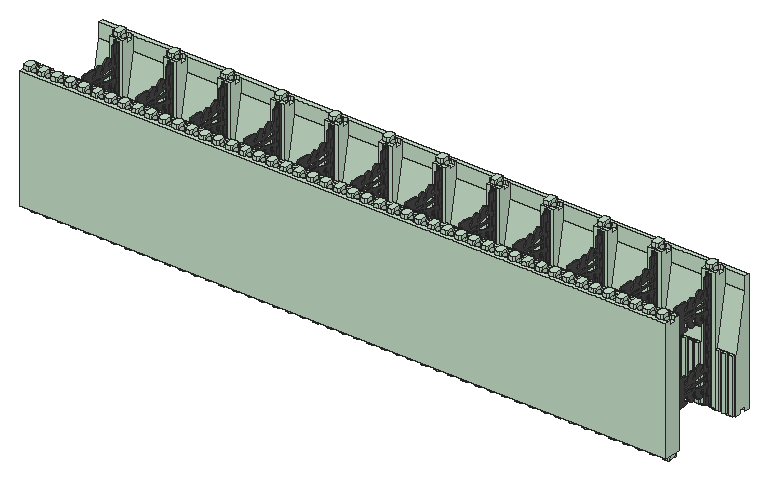
Revit family "ICF- NUDURA 10-inch- Single Sided Taper Top- Imperial", category Generic Models, Revit 2010 (continued)
Definition of nested family "10-inch Insert Web"
  Forms (in)
    Extrusion 2, solid, material "High Density Polystyrene"
      sketch origin (0, 0, 0) x (0, 1, 0) y (0, 0, 1)
        loop
          arc (4.37654, 11.93325) -> (4.22754, 12.04439) -> (4.21225, 12.22965) r 0.22602
          arc (4.21225, 12.22965) -> (3.72909, 12.70704) -> (3.67178, 12.03024) r 0.375
          arc (3.67178, 12.03024) -> (3.82054, 11.66789) -> (3.45819, 11.51914) r 0.27697
          arc (3.45819, 11.51914) -> (2.94561, 11.91681) -> (2.74922, 12.53513) r 1.09159
          line (2.74922, 12.53513) -> (2.74973, 12.70012)
          arc (2.74973, 12.70012) -> (2.17617, 12.98983) -> (2.18865, 12.34738) r 0.375
          arc (2.18865, 12.34738) -> (2.3374, 11.98503) -> (1.97506, 11.83627) r 0.27697
          arc (1.97506, 11.83627) -> (1.47568, 12.16164) -> (1.23882, 12.70857) r 1.0341
          arc (1.23882, 12.70857) -> (0.66526, 12.99829) -> (0.67773, 12.35583) r 0.375
          arc (0.67773, 12.35583) -> (0.76612, 12.32806) -> (0.85703, 12.31026) r 0.83414
          arc (0.85703, 12.31026) -> (1.02215, 12.07963) -> (0.82272, 11.87794) r 0.22
          arc (0.82272, 11.87794) -> (0.41308, 11.82406) -> (0, 11.81525) r 3.77741
          arc (0, 11.81525) -> (-0.41308, 11.82406) -> (-0.82272, 11.87794) r 3.77741
          arc (-0.82272, 11.87794) -> (-1.02215, 12.07963) -> (-0.85703, 12.31026) r 0.22
          arc (-0.85703, 12.31026) -> (-0.76612, 12.32806) -> (-0.67773, 12.35583) r 0.83414
          arc (-0.67773, 12.35583) -> (-0.66526, 12.99829) -> (-1.23882, 12.70857) r 0.375
          arc (-1.23882, 12.70857) -> (-1.47568, 12.16164) -> (-1.97506, 11.83627) r 1.0341
          arc (-1.97506, 11.83627) -> (-2.3374, 11.98503) -> (-2.18865, 12.34738) r 0.27697
          arc (-2.18865, 12.34738) -> (-2.17617, 12.98983) -> (-2.74973, 12.70012) r 0.375
          line (-2.74973, 12.70012) -> (-2.74922, 12.53513)
          arc (-2.74922, 12.53513) -> (-2.94561, 11.91681) -> (-3.45819, 11.51914) r 1.09159
          arc (-3.45819, 11.51914) -> (-3.82054, 11.66789) -> (-3.67178, 12.03024) r 0.27697
          arc (-3.67178, 12.03024) -> (-3.72909, 12.70704) -> (-4.21225, 12.22965) r 0.375
          arc (-4.21225, 12.22965) -> (-4.22754, 12.04439) -> (-4.37654, 11.93325) r 0.22602
          arc (-4.37654, 11.93325) -> (-4.46384, 11.89709) -> (-4.5, 11.8098) r 0.12346
        loop
          arc (-4.33112, 14.73097) -> (-4.45054, 14.68151) -> (-4.5, 14.56209) r 0.16888
          line (-4.5, 14.56209) -> (-4.5, 14.04372)
          arc (-4.5, 14.04372) -> (-4.44996, 13.92293) -> (-4.32917, 13.87289) r 0.17083
          line (-4.32917, 13.87289) -> (-2.57764, 13.87289)
          arc (-2.57764, 13.87289) -> (-2.48926, 13.9095) -> (-2.45264, 13.99789) r 0.125
          line (-2.45264, 13.99789) -> (-2.45264, 14.21018)
          arc (-2.45264, 14.21018) -> (-2.48008, 14.28832) -> (-2.55033, 14.33216) r 0.125
          line (-2.55033, 14.33216) -> (-4.33112, 14.73097)
        loop
          line (-2.26514, 14.18276) -> (-2.26514, 13.99876)
          arc (-2.26514, 13.99876) -> (-2.22853, 13.91037) -> (-2.14014, 13.87376) r 0.125
          line (-2.14014, 13.87376) -> (-0.70065, 13.87376)
          arc (-0.70065, 13.87376) -> (-0.48365, 14.09076) -> (-0.70065, 14.30776) r 0.217
          line (-0.70065, 14.30776) -> (-2.14014, 14.30776)
          arc (-2.14014, 14.30776) -> (-2.22853, 14.27115) -> (-2.26514, 14.18276) r 0.125
        loop
          line (-4.33112, 12.82661) -> (-2.55033, 13.22542)
          arc (-2.55033, 13.22542) -> (-2.48008, 13.26926) -> (-2.45264, 13.3474) r 0.125
          line (-2.45264, 13.3474) -> (-2.45264, 13.55969)
          arc (-2.45264, 13.55969) -> (-2.48926, 13.64807) -> (-2.57764, 13.68469) r 0.125
          line (-2.57764, 13.68469) -> (-4.32917, 13.68469)
          arc (-4.32917, 13.68469) -> (-4.44996, 13.63465) -> (-4.5, 13.51386) r 0.17083
          line (-4.5, 13.51386) -> (-4.5, 12.99549)
          arc (-4.5, 12.99549) -> (-4.45054, 12.87607) -> (-4.33112, 12.82661) r 0.16888
        loop
          arc (-2.26514, 13.37482) -> (-2.22853, 13.28643) -> (-2.14014, 13.24982) r 0.125
          line (-2.14014, 13.24982) -> (-0.70065, 13.24982)
          arc (-0.70065, 13.24982) -> (-0.48365, 13.46682) -> (-0.70065, 13.68382) r 0.217
          line (-0.70065, 13.68382) -> (-2.14014, 13.68382)
          arc (-2.14014, 13.68382) -> (-2.22853, 13.64721) -> (-2.26514, 13.55882) r 0.125
          line (-2.26514, 13.55882) -> (-2.26514, 13.37482)
        loop
          arc (5.12543, 17.57204) -> (5.11414, 17.56103) -> (5.11, 17.54582) r 0.03
          line (5.11, 17.54582) -> (5.11, 17.42461)
          arc (5.11, 17.42461) -> (5.11625, 17.41008) -> (5.13111, 17.40464) r 0.02
          line (5.13111, 17.40464) -> (5.18889, 17.40785)
          arc (5.18889, 17.40785) -> (5.20374, 17.40241) -> (5.21, 17.38789) r 0.02
          line (5.21, 17.38789) -> (5.21, 17.63668)
          arc (5.21, 17.63668) -> (5.20585, 17.62147) -> (5.19457, 17.61045) r 0.03
          line (5.19457, 17.61045) -> (5.12543, 17.57204)
        loop
          line (4.33112, 14.73097) -> (2.55033, 14.33216)
          arc (2.55033, 14.33216) -> (2.48008, 14.28832) -> (2.45264, 14.21018) r 0.125
          line (2.45264, 14.21018) -> (2.45264, 13.99789)
          arc (2.45264, 13.99789) -> (2.48926, 13.9095) -> (2.57764, 13.87289) r 0.125
          line (2.57764, 13.87289) -> (4.32917, 13.87289)
          arc (4.32917, 13.87289) -> (4.44996, 13.92293) -> (4.5, 14.04372) r 0.17083
          line (4.5, 14.04372) -> (4.5, 14.56209)
          arc (4.5, 14.56209) -> (4.45054, 14.68151) -> (4.33112, 14.73097) r 0.16888
        loop
          arc (2.26514, 14.18276) -> (2.22853, 14.27115) -> (2.14014, 14.30776) r 0.125
          line (2.14014, 14.30776) -> (0.70065, 14.30776)
          arc (0.70065, 14.30776) -> (0.48365, 14.09076) -> (0.70065, 13.87376) r 0.217
          line (0.70065, 13.87376) -> (2.14014, 13.87376)
          arc (2.14014, 13.87376) -> (2.22853, 13.91037) -> (2.26514, 13.99876) r 0.125
          line (2.26514, 13.99876) -> (2.26514, 14.18276)
        loop
          arc (4.33112, 12.82661) -> (4.45054, 12.87607) -> (4.5, 12.99549) r 0.16888
          line (4.5, 12.99549) -> (4.5, 13.51386)
          arc (4.5, 13.51386) -> (4.44996, 13.63465) -> (4.32917, 13.68469) r 0.17083
          line (4.32917, 13.68469) -> (2.57764, 13.68469)
          arc (2.57764, 13.68469) -> (2.48926, 13.64807) -> (2.45264, 13.55969) r 0.125
          line (2.45264, 13.55969) -> (2.45264, 13.3474)
          arc (2.45264, 13.3474) -> (2.48008, 13.26926) -> (2.55033, 13.22542) r 0.125
          line (2.55033, 13.22542) -> (4.33112, 12.82661)
        loop
          line (2.26514, 13.37482) -> (2.26514, 13.55882)
          arc (2.26514, 13.55882) -> (2.22853, 13.64721) -> (2.14014, 13.68382) r 0.125
          line (2.14014, 13.68382) -> (0.70065, 13.68382)
          arc (0.70065, 13.68382) -> (0.48365, 13.46682) -> (0.70065, 13.24982) r 0.217
          line (0.70065, 13.24982) -> (2.14014, 13.24982)
          arc (2.14014, 13.24982) -> (2.22853, 13.28643) -> (2.26514, 13.37482) r 0.125
        loop
          arc (-5.12543, 0.17379) -> (-5.11414, 0.1848) -> (-5.11, 0.20001) r 0.03
          line (-5.11, 0.20001) -> (-5.11, 0.32122)
          arc (-5.11, 0.32122) -> (-5.11625, 0.33575) -> (-5.13111, 0.34119) r 0.02
          line (-5.13111, 0.34119) -> (-5.18889, 0.33798)
          arc (-5.18889, 0.33798) -> (-5.20374, 0.34342) -> (-5.21, 0.35795) r 0.02
          line (-5.21, 0.35795) -> (-5.21, 0.10915)
          arc (-5.21, 0.10915) -> (-5.20585, 0.12437) -> (-5.19457, 0.13538) r 0.03
          line (-5.19457, 0.13538) -> (-5.12543, 0.17379)
        loop
          line (-4.33112, 3.01486) -> (-2.55033, 3.41367)
          arc (-2.55033, 3.41367) -> (-2.48008, 3.45752) -> (-2.45264, 3.53565) r 0.125
          line (-2.45264, 3.53565) -> (-2.45264, 3.74794)
          arc (-2.45264, 3.74794) -> (-2.48926, 3.83633) -> (-2.57764, 3.87294) r 0.125
          line (-2.57764, 3.87294) -> (-4.32917, 3.87294)
          arc (-4.32917, 3.87294) -> (-4.44996, 3.8229) -> (-4.5, 3.70211) r 0.17083
          line (-4.5, 3.70211) -> (-4.5, 3.18374)
          arc (-4.5, 3.18374) -> (-4.45054, 3.06432) -> (-4.33112, 3.01486) r 0.16888
        loop
          arc (-2.26514, 3.56307) -> (-2.22853, 3.47469) -> (-2.14014, 3.43807) r 0.125
          line (-2.14014, 3.43807) -> (-0.70065, 3.43807)
          arc (-0.70065, 3.43807) -> (-0.48365, 3.65507) -> (-0.70065, 3.87207) r 0.217
          line (-0.70065, 3.87207) -> (-2.14014, 3.87207)
          arc (-2.14014, 3.87207) -> (-2.22853, 3.83546) -> (-2.26514, 3.74707) r 0.125
          line (-2.26514, 3.74707) -> (-2.26514, 3.56307)
        loop
          arc (-4.33112, 4.91923) -> (-4.45054, 4.86976) -> (-4.5, 4.75034) r 0.16888
          line (-4.5, 4.75034) -> (-4.5, 4.23198)
          arc (-4.5, 4.23198) -> (-4.44996, 4.11118) -> (-4.32917, 4.06115) r 0.17083
          line (-4.32917, 4.06115) -> (-2.57764, 4.06115)
          arc (-2.57764, 4.06115) -> (-2.48926, 4.09776) -> (-2.45264, 4.18615) r 0.125
          line (-2.45264, 4.18615) -> (-2.45264, 4.39843)
          arc (-2.45264, 4.39843) -> (-2.48008, 4.47657) -> (-2.55033, 4.52041) r 0.125
          line (-2.55033, 4.52041) -> (-4.33112, 4.91923)
        loop
          line (-2.26514, 4.37101) -> (-2.26514, 4.18701)
          arc (-2.26514, 4.18701) -> (-2.22853, 4.09863) -> (-2.14014, 4.06201) r 0.125
          line (-2.14014, 4.06201) -> (-0.70065, 4.06201)
          arc (-0.70065, 4.06201) -> (-0.48365, 4.27901) -> (-0.70065, 4.49601) r 0.217
          line (-0.70065, 4.49601) -> (-2.14014, 4.49601)
          arc (-2.14014, 4.49601) -> (-2.22853, 4.4594) -> (-2.26514, 4.37101) r 0.125
        loop
          line (5.12543, 0.17379) -> (5.19457, 0.13538)
          arc (5.19457, 0.13538) -> (5.20585, 0.12437) -> (5.21, 0.10915) r 0.03
          line (5.21, 0.10915) -> (5.21, 0.35795)
          arc (5.21, 0.35795) -> (5.20374, 0.34342) -> (5.18889, 0.33798) r 0.02
          line (5.18889, 0.33798) -> (5.13111, 0.34119)
          arc (5.13111, 0.34119) -> (5.11625, 0.33575) -> (5.11, 0.32122) r 0.02
          line (5.11, 0.32122) -> (5.11, 0.20001)
          arc (5.11, 0.20001) -> (5.11414, 0.1848) -> (5.12543, 0.17379) r 0.03
        loop
          arc (4.33112, 3.01486) -> (4.45054, 3.06432) -> (4.5, 3.18374) r 0.16888
          line (4.5, 3.18374) -> (4.5, 3.70211)
          arc (4.5, 3.70211) -> (4.44996, 3.8229) -> (4.32917, 3.87294) r 0.17083
          line (4.32917, 3.87294) -> (2.57764, 3.87294)
          arc (2.57764, 3.87294) -> (2.48926, 3.83633) -> (2.45264, 3.74794) r 0.125
          line (2.45264, 3.74794) -> (2.45264, 3.53565)
          arc (2.45264, 3.53565) -> (2.48008, 3.45752) -> (2.55033, 3.41367) r 0.125
          line (2.55033, 3.41367) -> (4.33112, 3.01486)
        loop
          line (2.26514, 3.56307) -> (2.26514, 3.74707)
          arc (2.26514, 3.74707) -> (2.22853, 3.83546) -> (2.14014, 3.87207) r 0.125
          line (2.14014, 3.87207) -> (0.70065, 3.87207)
          arc (0.70065, 3.87207) -> (0.48365, 3.65507) -> (0.70065, 3.43807) r 0.217
          line (0.70065, 3.43807) -> (2.14014, 3.43807)
          arc (2.14014, 3.43807) -> (2.22853, 3.47469) -> (2.26514, 3.56307) r 0.125
        loop
          line (4.33112, 4.91923) -> (2.55033, 4.52041)
          arc (2.55033, 4.52041) -> (2.48008, 4.47657) -> (2.45264, 4.39843) r 0.125
          line (2.45264, 4.39843) -> (2.45264, 4.18615)
          arc (2.45264, 4.18615) -> (2.48926, 4.09776) -> (2.57764, 4.06115) r 0.125
          line (2.57764, 4.06115) -> (4.32917, 4.06115)
          arc (4.32917, 4.06115) -> (4.44996, 4.11118) -> (4.5, 4.23198) r 0.17083
          line (4.5, 4.23198) -> (4.5, 4.75034)
          arc (4.5, 4.75034) -> (4.45054, 4.86976) -> (4.33112, 4.91923) r 0.16888
        loop
          arc (2.26514, 4.37101) -> (2.22853, 4.4594) -> (2.14014, 4.49601) r 0.125
          line (2.14014, 4.49601) -> (0.70065, 4.49601)
          arc (0.70065, 4.49601) -> (0.48365, 4.27901) -> (0.70065, 4.06201) r 0.217
          line (0.70065, 4.06201) -> (2.14014, 4.06201)
          arc (2.14014, 4.06201) -> (2.22853, 4.09863) -> (2.26514, 4.18701) r 0.125
          line (2.26514, 4.18701) -> (2.26514, 4.37101)
      from 0.125 to -0.125
    Extrusion 3, solid, material "High Density Polystyrene"
      sketch origin (0, 0, 0) x (0, 1, 0) y (0, 0, 1)
        loop
          line (5.21, 16.17792) -> (4.71, 16.17792) -> (4.71, 14.97792) -> (5.21, 14.97792) -> (5.21, 16.17792)
        loop
          line (5.21, 14.22792) -> (4.71, 14.22792) -> (4.71, 13.02792) -> (5.21, 13.02792) -> (5.21, 14.22792)
        loop
          line (5.21, 12.27792) -> (4.71, 12.27792) -> (4.71, 11.07792) -> (5.21, 11.07792) -> (5.21, 12.27792)
        loop
          line (5.21, 10.32792) -> (4.71, 10.32792) -> (4.71, 9.24792) -> (5.21, 9.24792) -> (5.21, 10.32792)
        loop
          line (5.21, 8.49792) -> (4.71, 8.49792) -> (4.71, 7.41792) -> (5.21, 7.41792) -> (5.21, 8.49792)
        loop
          line (5.21, 6.66792) -> (4.71, 6.66792) -> (4.71, 5.46792) -> (5.21, 5.46792) -> (5.21, 6.66792)
        loop
          line (5.21, 4.71792) -> (4.71, 4.71792) -> (4.71, 3.51792) -> (5.21, 3.51792) -> (5.21, 4.71792)
        loop
          line (5.21, 2.76792) -> (4.71, 2.76792) -> (4.71, 1.56792) -> (5.21, 1.56792) -> (5.21, 2.76792)
        loop
          line (-5.21, 16.17792) -> (-5.21, 14.97792) -> (-4.71, 14.97792) -> (-4.71, 16.17792) -> (-5.21, 16.17792)
        loop
          line (-5.21, 14.22792) -> (-5.21, 13.02792) -> (-4.71, 13.02792) -> (-4.71, 14.22792) -> (-5.21, 14.22792)
        loop
          line (-5.21, 12.27792) -> (-5.21, 11.07792) -> (-4.71, 11.07792) -> (-4.71, 12.27792) -> (-5.21, 12.27792)
        loop
          line (-5.21, 10.32792) -> (-5.21, 9.24792) -> (-4.71, 9.24792) -> (-4.71, 10.32792) -> (-5.21, 10.32792)
        loop
          line (-5.21, 8.49792) -> (-5.21, 7.41792) -> (-4.71, 7.41792) -> (-4.71, 8.49792) -> (-5.21, 8.49792)
        loop
          line (-5.21, 6.66792) -> (-5.21, 5.46792) -> (-4.71, 5.46792) -> (-4.71, 6.66792) -> (-5.21, 6.66792)
        loop
          line (-5.21, 4.71792) -> (-5.21, 3.51792) -> (-4.71, 3.51792) -> (-4.71, 4.71792) -> (-5.21, 4.71792)
        loop
          line (-5.21, 2.76792) -> (-5.21, 1.56792) -> (-4.71, 1.56792) -> (-4.71, 2.76792) -> (-5.21, 2.76792)
      from 0.25 to -0.25
    Extrusion 4, void
      sketch origin (0, 2, 0) x (1, 0, 0) y (0, 1, 0)
        loop
          line (-0.25, 2.79249) -> (-0.25, 2.71) -> (-0.1675, 2.71)
          arc (-0.1675, 2.71) -> (-0.22584, 2.73416) -> (-0.25, 2.79249) r 0.0825
      from 0 to 18
    Extrusion 5, void
      sketch origin (0, 2, 0) x (-1, 0, 0) y (0, -1, 0)
        loop
          arc (-0.25, -2.79249) -> (-0.22584, -2.73416) -> (-0.1675, -2.71) r 0.0825
          line (-0.1675, -2.71) -> (-0.25, -2.71) -> (-0.25, -2.79249)
      from 0 to 18
    Extrusion 6, void
      sketch origin (0, -2, 0) x (1, 0, 0) y (0, 1, 0)
        loop
          arc (-0.25, -2.79249) -> (-0.22584, -2.73416) -> (-0.1675, -2.71) r 0.0825
          line (-0.1675, -2.71) -> (-0.25, -2.71) -> (-0.25, -2.79249)
      from 0 to 18
    Extrusion 7, void
      sketch origin (0, -2, 0) x (-1, 0, 0) y (0, -1, 0)
        loop
          line (-0.25, 2.79249) -> (-0.25, 2.71) -> (-0.1675, 2.71)
          arc (-0.1675, 2.71) -> (-0.22584, 2.73416) -> (-0.25, 2.79249) r 0.0825
      from 0 to 18
  Cuts and joins
    Extrusion 4, Extrusion 5, Extrusion 6, Extrusion 7 cuts Extrusion 1
    Extrusion 4, Extrusion 5, Extrusion 6, Extrusion 7 cuts Extrusion 3
Definition of nested family "NUDURA Diamond Pattern"
  Reference planes (in)
    plane 1 "Center (Front/Back)": y = 0
    plane 2: z = 0
    plane 3 "Center (Left/Right)": x = 0
    plane 4: z = 18
  Lines and regions (in)
    model lines
      curve 1: line (8, -5.625, 18) -> (8, -5.625, 0)
      curve 2: line (6, -5.625, 18) -> (6, -5.625, 0)
      curve 3: line (2, -5.625, 18) -> (2, -5.625, 0)
      curve 4: line (3.35367, -5.625, 16.98484) -> (3.69709, -5.625, 16.64142)
      curve 5: arc (3.35367, -5.625, 17.51517) -> (3.24384, -5.625, 17.25) -> (3.35367, -5.625, 16.98484) r 0.375
      curve 6: line (3.72867, -5.625, 17.89017) -> (3.35367, -5.625, 17.51517)
      curve 7: arc (4.259, -5.625, 17.89017) -> (3.99384, -5.625, 18) -> (3.72867, -5.625, 17.89017) r 0.375
      curve 8: line (4.634, -5.625, 17.51517) -> (4.259, -5.625, 17.89017)
      curve 9: arc (4.634, -5.625, 16.98484) -> (4.74384, -5.625, 17.25) -> (4.634, -5.625, 17.51517) r 0.375
      curve 10: line (4.29059, -5.625, 16.64142) -> (4.634, -5.625, 16.98484)
      curve 11: arc (4.17062, -5.625, 17.80178) -> (3.99384, -5.625, 17.875) -> (3.81706, -5.625, 17.80178) r 0.25
      curve 12: line (4.54562, -5.625, 17.42678) -> (4.17062, -5.625, 17.80178)
      curve 13: arc (4.54562, -5.625, 17.07322) -> (4.61884, -5.625, 17.25) -> (4.54562, -5.625, 17.42678) r 0.25
      curve 14: line (4.17062, -5.625, 16.69822) -> (4.54562, -5.625, 17.07322)
      curve 15: arc (3.81706, -5.625, 16.69822) -> (3.99384, -5.625, 16.625) -> (4.17062, -5.625, 16.69822) r 0.25
      curve 16: line (3.44206, -5.625, 17.07322) -> (3.81706, -5.625, 16.69822)
      curve 17: arc (3.44206, -5.625, 17.42678) -> (3.36884, -5.625, 17.25) -> (3.44206, -5.625, 17.07322) r 0.25
      curve 18: line (3.81706, -5.625, 17.80178) -> (3.44206, -5.625, 17.42678)
      curve 19: arc (3.69709, -5.625, 16.35858) -> (3.75567, -5.625, 16.5) -> (3.69709, -5.625, 16.64142) r 0.2
      curve 20: line (4.634, -5.625, 16.01517) -> (4.29059, -5.625, 16.35858)
      curve 21: arc (4.634, -5.625, 15.48484) -> (4.74384, -5.625, 15.75) -> (4.634, -5.625, 16.01517) r 0.375
      curve 22: line (4.29059, -5.625, 15.14142) -> (4.634, -5.625, 15.48484)
      curve 23: line (3.35367, -5.625, 15.48484) -> (3.69709, -5.625, 15.14142)
      curve 24: arc (3.35367, -5.625, 16.01517) -> (3.24384, -5.625, 15.75) -> (3.35367, -5.625, 15.48484) r 0.375
      curve 25: line (3.69709, -5.625, 16.35858) -> (3.35367, -5.625, 16.01517)
      curve 26: arc (4.17062, -5.625, 16.30178) -> (3.99384, -5.625, 16.375) -> (3.81706, -5.625, 16.30178) r 0.25
      curve 27: line (3.81706, -5.625, 16.30178) -> (3.44206, -5.625, 15.92678)
      curve 28: arc (3.44206, -5.625, 15.92678) -> (3.36884, -5.625, 15.75) -> (3.44206, -5.625, 15.57322) r 0.25
      curve 29: line (3.44206, -5.625, 15.57322) -> (3.81706, -5.625, 15.19822)
      curve 30: arc (3.81706, -5.625, 15.19822) -> (3.99384, -5.625, 15.125) -> (4.17062, -5.625, 15.19822) r 0.25
      curve 31: line (4.17062, -5.625, 15.19822) -> (4.54562, -5.625, 15.57322)
      curve 32: arc (4.54562, -5.625, 15.57322) -> (4.61884, -5.625, 15.75) -> (4.54562, -5.625, 15.92678) r 0.25
      curve 33: line (4.54562, -5.625, 15.92678) -> (4.17062, -5.625, 16.30178)
      curve 34: arc (3.69709, -5.625, 14.85858) -> (3.75567, -5.625, 15) -> (3.69709, -5.625, 15.14142) r 0.2
      curve 35: line (4.634, -5.625, 14.51517) -> (4.29059, -5.625, 14.85858)
      curve 36: arc (4.634, -5.625, 13.98484) -> (4.74384, -5.625, 14.25) -> (4.634, -5.625, 14.51517) r 0.375
      curve 37: line (4.29059, -5.625, 13.64142) -> (4.634, -5.625, 13.98484)
      curve 38: line (3.35367, -5.625, 13.98484) -> (3.69709, -5.625, 13.64142)
      curve 39: arc (3.35367, -5.625, 14.51517) -> (3.24384, -5.625, 14.25) -> (3.35367, -5.625, 13.98484) r 0.375
      curve 40: line (3.69709, -5.625, 14.85858) -> (3.35367, -5.625, 14.51517)
      curve 41: arc (4.17062, -5.625, 14.80178) -> (3.99384, -5.625, 14.875) -> (3.81706, -5.625, 14.80178) r 0.25
      curve 42: line (3.81706, -5.625, 14.80178) -> (3.44206, -5.625, 14.42678)
      curve 43: arc (3.44206, -5.625, 14.42678) -> (3.36884, -5.625, 14.25) -> (3.44206, -5.625, 14.07322) r 0.25
      curve 44: line (3.44206, -5.625, 14.07322) -> (3.81706, -5.625, 13.69822)
      curve 45: arc (3.81706, -5.625, 13.69822) -> (3.99384, -5.625, 13.625) -> (4.17062, -5.625, 13.69822) r 0.25
      curve 46: line (4.17062, -5.625, 13.69822) -> (4.54562, -5.625, 14.07322)
      curve 47: arc (4.54562, -5.625, 14.07322) -> (4.61884, -5.625, 14.25) -> (4.54562, -5.625, 14.42678) r 0.25
      curve 48: line (4.54562, -5.625, 14.42678) -> (4.17062, -5.625, 14.80178)
      curve 49: arc (3.69709, -5.625, 13.35858) -> (3.75567, -5.625, 13.5) -> (3.69709, -5.625, 13.64142) r 0.2
      curve 50: line (4.634, -5.625, 13.01517) -> (4.29059, -5.625, 13.35858)
      curve 51: arc (4.634, -5.625, 12.48484) -> (4.74384, -5.625, 12.75) -> (4.634, -5.625, 13.01517) r 0.375
      curve 52: line (4.29059, -5.625, 12.14142) -> (4.634, -5.625, 12.48484)
      curve 53: line (3.35367, -5.625, 12.48484) -> (3.69709, -5.625, 12.14142)
      curve 54: arc (3.35367, -5.625, 13.01517) -> (3.24384, -5.625, 12.75) -> (3.35367, -5.625, 12.48484) r 0.375
      curve 55: line (3.69709, -5.625, 13.35858) -> (3.35367, -5.625, 13.01517)
      curve 56: arc (4.17062, -5.625, 13.30178) -> (3.99384, -5.625, 13.375) -> (3.81706, -5.625, 13.30178) r 0.25
      curve 57: line (3.81706, -5.625, 13.30178) -> (3.44206, -5.625, 12.92678)
      curve 58: arc (3.44206, -5.625, 12.92678) -> (3.36884, -5.625, 12.75) -> (3.44206, -5.625, 12.57322) r 0.25
      curve 59: line (3.44206, -5.625, 12.57322) -> (3.81706, -5.625, 12.19822)
      curve 60: arc (3.81706, -5.625, 12.19822) -> (3.99384, -5.625, 12.125) -> (4.17062, -5.625, 12.19822) r 0.25
      curve 61: line (4.17062, -5.625, 12.19822) -> (4.54562, -5.625, 12.57322)
      curve 62: arc (4.54562, -5.625, 12.57322) -> (4.61884, -5.625, 12.75) -> (4.54562, -5.625, 12.92678) r 0.25
      curve 63: line (4.54562, -5.625, 12.92678) -> (4.17062, -5.625, 13.30178)
      curve 64: arc (3.69709, -5.625, 11.85858) -> (3.75567, -5.625, 12) -> (3.69709, -5.625, 12.14142) r 0.2
      curve 65: line (4.634, -5.625, 11.51517) -> (4.29059, -5.625, 11.85858)
      curve 66: arc (4.634, -5.625, 10.98484) -> (4.74384, -5.625, 11.25) -> (4.634, -5.625, 11.51517) r 0.375
      curve 67: line (4.29059, -5.625, 10.64142) -> (4.634, -5.625, 10.98484)
      curve 68: line (3.35367, -5.625, 10.98484) -> (3.69709, -5.625, 10.64142)
      curve 69: arc (3.35367, -5.625, 11.51517) -> (3.24384, -5.625, 11.25) -> (3.35367, -5.625, 10.98484) r 0.375
      curve 70: line (3.69709, -5.625, 11.85858) -> (3.35367, -5.625, 11.51517)
      curve 71: arc (4.17062, -5.625, 11.80178) -> (3.99384, -5.625, 11.875) -> (3.81706, -5.625, 11.80178) r 0.25
      curve 72: line (3.81706, -5.625, 11.80178) -> (3.44206, -5.625, 11.42678)
      curve 73: arc (3.44206, -5.625, 11.42678) -> (3.36884, -5.625, 11.25) -> (3.44206, -5.625, 11.07322) r 0.25
      curve 74: line (3.44206, -5.625, 11.07322) -> (3.81706, -5.625, 10.69822)
      curve 75: arc (3.81706, -5.625, 10.69822) -> (3.99384, -5.625, 10.625) -> (4.17062, -5.625, 10.69822) r 0.25
      curve 76: line (4.17062, -5.625, 10.69822) -> (4.54562, -5.625, 11.07322)
      curve 77: arc (4.54562, -5.625, 11.07322) -> (4.61884, -5.625, 11.25) -> (4.54562, -5.625, 11.42678) r 0.25
      curve 78: line (4.54562, -5.625, 11.42678) -> (4.17062, -5.625, 11.80178)
      curve 79: arc (3.69709, -5.625, 10.35858) -> (3.75567, -5.625, 10.5) -> (3.69709, -5.625, 10.64142) r 0.2
      curve 80: line (4.634, -5.625, 10.01517) -> (4.29059, -5.625, 10.35858)
      curve 81: arc (4.634, -5.625, 9.48484) -> (4.74384, -5.625, 9.75) -> (4.634, -5.625, 10.01517) r 0.375
      curve 82: line (4.29059, -5.625, 9.14142) -> (4.634, -5.625, 9.48484)
      curve 83: line (3.35367, -5.625, 9.48484) -> (3.69709, -5.625, 9.14142)
      curve 84: arc (3.35367, -5.625, 10.01517) -> (3.24384, -5.625, 9.75) -> (3.35367, -5.625, 9.48484) r 0.375
      curve 85: line (3.69709, -5.625, 10.35858) -> (3.35367, -5.625, 10.01517)
      curve 86: arc (4.17062, -5.625, 10.30178) -> (3.99384, -5.625, 10.375) -> (3.81706, -5.625, 10.30178) r 0.25
      curve 87: line (3.81706, -5.625, 10.30178) -> (3.44206, -5.625, 9.92678)
      curve 88: arc (3.44206, -5.625, 9.92678) -> (3.36884, -5.625, 9.75) -> (3.44206, -5.625, 9.57322) r 0.25
      curve 89: line (3.44206, -5.625, 9.57322) -> (3.81706, -5.625, 9.19822)
      curve 90: arc (3.81706, -5.625, 9.19822) -> (3.99384, -5.625, 9.125) -> (4.17062, -5.625, 9.19822) r 0.25
      curve 91: line (4.17062, -5.625, 9.19822) -> (4.54562, -5.625, 9.57322)
      curve 92: arc (4.54562, -5.625, 9.57322) -> (4.61884, -5.625, 9.75) -> (4.54562, -5.625, 9.92678) r 0.25
      curve 93: line (4.54562, -5.625, 9.92678) -> (4.17062, -5.625, 10.30178)
      curve 94: arc (3.69709, -5.625, 8.85858) -> (3.75567, -5.625, 9) -> (3.69709, -5.625, 9.14142) r 0.2
      curve 95: line (4.634, -5.625, 8.51517) -> (4.29059, -5.625, 8.85858)
      curve 96: arc (4.634, -5.625, 7.98484) -> (4.74384, -5.625, 8.25) -> (4.634, -5.625, 8.51517) r 0.375
      curve 97: line (4.29059, -5.625, 7.64142) -> (4.634, -5.625, 7.98484)
      curve 98: line (3.35367, -5.625, 7.98484) -> (3.69709, -5.625, 7.64142)
      curve 99: arc (3.35367, -5.625, 8.51517) -> (3.24384, -5.625, 8.25) -> (3.35367, -5.625, 7.98484) r 0.375
      curve 100: line (3.69709, -5.625, 8.85858) -> (3.35367, -5.625, 8.51517)
      curve 101: arc (4.17062, -5.625, 8.80178) -> (3.99384, -5.625, 8.875) -> (3.81706, -5.625, 8.80178) r 0.25
      curve 102: line (3.81706, -5.625, 8.80178) -> (3.44206, -5.625, 8.42678)
      curve 103: arc (3.44206, -5.625, 8.42678) -> (3.36884, -5.625, 8.25) -> (3.44206, -5.625, 8.07322) r 0.25
      curve 104: line (3.44206, -5.625, 8.07322) -> (3.81706, -5.625, 7.69822)
      curve 105: arc (3.81706, -5.625, 7.69822) -> (3.99384, -5.625, 7.625) -> (4.17062, -5.625, 7.69822) r 0.25
      curve 106: line (4.17062, -5.625, 7.69822) -> (4.54562, -5.625, 8.07322)
      curve 107: arc (4.54562, -5.625, 8.07322) -> (4.61884, -5.625, 8.25) -> (4.54562, -5.625, 8.42678) r 0.25
      curve 108: line (4.54562, -5.625, 8.42678) -> (4.17062, -5.625, 8.80178)
      curve 109: arc (3.69709, -5.625, 7.35858) -> (3.75567, -5.625, 7.5) -> (3.69709, -5.625, 7.64142) r 0.2
      curve 110: line (4.634, -5.625, 7.01517) -> (4.29059, -5.625, 7.35858)
      curve 111: arc (4.634, -5.625, 6.48484) -> (4.74384, -5.625, 6.75) -> (4.634, -5.625, 7.01517) r 0.375
      curve 112: line (4.29059, -5.625, 6.14142) -> (4.634, -5.625, 6.48484)
      curve 113: line (3.35367, -5.625, 6.48484) -> (3.69709, -5.625, 6.14142)
      curve 114: arc (3.35367, -5.625, 7.01517) -> (3.24384, -5.625, 6.75) -> (3.35367, -5.625, 6.48484) r 0.375
      curve 115: line (3.69709, -5.625, 7.35858) -> (3.35367, -5.625, 7.01517)
      curve 116: arc (4.17062, -5.625, 7.30178) -> (3.99384, -5.625, 7.375) -> (3.81706, -5.625, 7.30178) r 0.25
      curve 117: line (3.81706, -5.625, 7.30178) -> (3.44206, -5.625, 6.92678)
      curve 118: arc (3.44206, -5.625, 6.92678) -> (3.36884, -5.625, 6.75) -> (3.44206, -5.625, 6.57322) r 0.25
      curve 119: line (3.44206, -5.625, 6.57322) -> (3.81706, -5.625, 6.19822)
      curve 120: arc (3.81706, -5.625, 6.19822) -> (3.99384, -5.625, 6.125) -> (4.17062, -5.625, 6.19822) r 0.25
      curve 121: line (4.17062, -5.625, 6.19822) -> (4.54562, -5.625, 6.57322)
      curve 122: arc (4.54562, -5.625, 6.57322) -> (4.61884, -5.625, 6.75) -> (4.54562, -5.625, 6.92678) r 0.25
      curve 123: line (4.54562, -5.625, 6.92678) -> (4.17062, -5.625, 7.30178)
      curve 124: arc (3.69709, -5.625, 5.85858) -> (3.75567, -5.625, 6) -> (3.69709, -5.625, 6.14142) r 0.2
      curve 125: line (4.634, -5.625, 5.51517) -> (4.29059, -5.625, 5.85858)
      curve 126: arc (4.634, -5.625, 4.98484) -> (4.74384, -5.625, 5.25) -> (4.634, -5.625, 5.51517) r 0.375
      curve 127: line (4.29059, -5.625, 4.64142) -> (4.634, -5.625, 4.98484)
      curve 128: line (3.35367, -5.625, 4.98484) -> (3.69709, -5.625, 4.64142)
      curve 129: arc (3.35367, -5.625, 5.51517) -> (3.24384, -5.625, 5.25) -> (3.35367, -5.625, 4.98484) r 0.375
      curve 130: line (3.69709, -5.625, 5.85858) -> (3.35367, -5.625, 5.51517)
      curve 131: arc (4.17062, -5.625, 5.80178) -> (3.99384, -5.625, 5.875) -> (3.81706, -5.625, 5.80178) r 0.25
      curve 132: line (3.81706, -5.625, 5.80178) -> (3.44206, -5.625, 5.42678)
      curve 133: arc (3.44206, -5.625, 5.42678) -> (3.36884, -5.625, 5.25) -> (3.44206, -5.625, 5.07322) r 0.25
      curve 134: line (3.44206, -5.625, 5.07322) -> (3.81706, -5.625, 4.69822)
      curve 135: arc (3.81706, -5.625, 4.69822) -> (3.99384, -5.625, 4.625) -> (4.17062, -5.625, 4.69822) r 0.25
      curve 136: line (4.17062, -5.625, 4.69822) -> (4.54562, -5.625, 5.07322)
      curve 137: arc (4.54562, -5.625, 5.07322) -> (4.61884, -5.625, 5.25) -> (4.54562, -5.625, 5.42678) r 0.25
      curve 138: line (4.54562, -5.625, 5.42678) -> (4.17062, -5.625, 5.80178)
      curve 139: arc (3.69709, -5.625, 4.35858) -> (3.75567, -5.625, 4.5) -> (3.69709, -5.625, 4.64142) r 0.2
      curve 140: line (4.634, -5.625, 4.01517) -> (4.29059, -5.625, 4.35858)
      curve 141: arc (4.634, -5.625, 3.48484) -> (4.74384, -5.625, 3.75) -> (4.634, -5.625, 4.01517) r 0.375
      curve 142: line (4.29059, -5.625, 3.14142) -> (4.634, -5.625, 3.48484)
      curve 143: line (3.35367, -5.625, 3.48484) -> (3.69709, -5.625, 3.14142)
      curve 144: arc (3.35367, -5.625, 4.01517) -> (3.24384, -5.625, 3.75) -> (3.35367, -5.625, 3.48484) r 0.375
      curve 145: line (3.69709, -5.625, 4.35858) -> (3.35367, -5.625, 4.01517)
      curve 146: arc (4.17062, -5.625, 4.30178) -> (3.99384, -5.625, 4.375) -> (3.81706, -5.625, 4.30178) r 0.25
      curve 147: line (3.81706, -5.625, 4.30178) -> (3.44206, -5.625, 3.92678)
      curve 148: arc (3.44206, -5.625, 3.92678) -> (3.36884, -5.625, 3.75) -> (3.44206, -5.625, 3.57322) r 0.25
      curve 149: line (3.44206, -5.625, 3.57322) -> (3.81706, -5.625, 3.19822)
      curve 150: arc (3.81706, -5.625, 3.19822) -> (3.99384, -5.625, 3.125) -> (4.17062, -5.625, 3.19822) r 0.25
      curve 151: line (4.17062, -5.625, 3.19822) -> (4.54562, -5.625, 3.57322)
      curve 152: arc (4.54562, -5.625, 3.57322) -> (4.61884, -5.625, 3.75) -> (4.54562, -5.625, 3.92678) r 0.25
      curve 153: line (4.54562, -5.625, 3.92678) -> (4.17062, -5.625, 4.30178)
      curve 154: arc (3.69709, -5.625, 2.85858) -> (3.75567, -5.625, 3) -> (3.69709, -5.625, 3.14142) r 0.2
      curve 155: line (4.634, -5.625, 2.51517) -> (4.29059, -5.625, 2.85858)
      curve 156: arc (4.634, -5.625, 1.98484) -> (4.74384, -5.625, 2.25) -> (4.634, -5.625, 2.51517) r 0.375
      curve 157: line (4.29059, -5.625, 1.64142) -> (4.634, -5.625, 1.98484)
      curve 158: line (3.35367, -5.625, 1.98484) -> (3.69709, -5.625, 1.64142)
      curve 159: arc (3.35367, -5.625, 2.51517) -> (3.24384, -5.625, 2.25) -> (3.35367, -5.625, 1.98484) r 0.375
      curve 160: line (3.69709, -5.625, 2.85858) -> (3.35367, -5.625, 2.51517)
      curve 161: arc (4.17062, -5.625, 2.80178) -> (3.99384, -5.625, 2.875) -> (3.81706, -5.625, 2.80178) r 0.25
      curve 162: line (3.81706, -5.625, 2.80178) -> (3.44206, -5.625, 2.42678)
      curve 163: arc (3.44206, -5.625, 2.42678) -> (3.36884, -5.625, 2.25) -> (3.44206, -5.625, 2.07322) r 0.25
      curve 164: line (3.44206, -5.625, 2.07322) -> (3.81706, -5.625, 1.69822)
      curve 165: arc (3.81706, -5.625, 1.69822) -> (3.99384, -5.625, 1.625) -> (4.17062, -5.625, 1.69822) r 0.25
      curve 166: line (4.17062, -5.625, 1.69822) -> (4.54562, -5.625, 2.07322)
      curve 167: arc (4.54562, -5.625, 2.07322) -> (4.61884, -5.625, 2.25) -> (4.54562, -5.625, 2.42678) r 0.25
      curve 168: line (4.54562, -5.625, 2.42678) -> (4.17062, -5.625, 2.80178)
      curve 169: arc (3.69709, -5.625, 1.35858) -> (3.75567, -5.625, 1.5) -> (3.69709, -5.625, 1.64142) r 0.2
      curve 170: line (3.69709, -5.625, 1.35858) -> (3.35367, -5.625, 1.01517)
      curve 171: arc (3.35367, -5.625, 1.01517) -> (3.24384, -5.625, 0.75) -> (3.35367, -5.625, 0.48484) r 0.375
      curve 172: line (3.35367, -5.625, 0.48484) -> (3.72867, -5.625, 0.10984)
      curve 173: arc (3.72867, -5.625, 0.10984) -> (3.99384, -5.625, 0) -> (4.259, -5.625, 0.10984) r 0.375
      curve 174: line (4.259, -5.625, 0.10984) -> (4.634, -5.625, 0.48484)
      curve 175: arc (4.634, -5.625, 0.48484) -> (4.74384, -5.625, 0.75) -> (4.634, -5.625, 1.01517) r 0.375
      curve 176: line (4.634, -5.625, 1.01517) -> (4.29059, -5.625, 1.35858)
      curve 177: arc (4.29059, -5.625, 1.64142) -> (4.23201, -5.625, 1.5) -> (4.29059, -5.625, 1.35858) r 0.2
      curve 178: arc (4.17062, -5.625, 1.30178) -> (3.99384, -5.625, 1.375) -> (3.81706, -5.625, 1.30178) r 0.25
      curve 179: line (4.54562, -5.625, 0.92678) -> (4.17062, -5.625, 1.30178)
      curve 180: arc (4.54562, -5.625, 0.57322) -> (4.61884, -5.625, 0.75) -> (4.54562, -5.625, 0.92678) r 0.25
      curve 181: line (4.17062, -5.625, 0.19822) -> (4.54562, -5.625, 0.57322)
      curve 182: arc (3.81706, -5.625, 0.19822) -> (3.99384, -5.625, 0.125) -> (4.17062, -5.625, 0.19822) r 0.25
      curve 183: line (3.44206, -5.625, 0.57322) -> (3.81706, -5.625, 0.19822)
      curve 184: arc (3.44206, -5.625, 0.92678) -> (3.36884, -5.625, 0.75) -> (3.44206, -5.625, 0.57322) r 0.25
      curve 185: line (3.81706, -5.625, 1.30178) -> (3.44206, -5.625, 0.92678)
      curve 186: arc (4.29059, -5.625, 3.14142) -> (4.23201, -5.625, 3) -> (4.29059, -5.625, 2.85858) r 0.2
      curve 187: arc (4.29059, -5.625, 4.64142) -> (4.23201, -5.625, 4.5) -> (4.29059, -5.625, 4.35858) r 0.2
      curve 188: arc (4.29059, -5.625, 6.14142) -> (4.23201, -5.625, 6) -> (4.29059, -5.625, 5.85858) r 0.2
      curve 189: arc (4.29059, -5.625, 7.64142) -> (4.23201, -5.625, 7.5) -> (4.29059, -5.625, 7.35858) r 0.2
      curve 190: arc (4.29059, -5.625, 9.14142) -> (4.23201, -5.625, 9) -> (4.29059, -5.625, 8.85858) r 0.2
      curve 191: arc (4.29059, -5.625, 10.64142) -> (4.23201, -5.625, 10.5) -> (4.29059, -5.625, 10.35858) r 0.2
      curve 192: arc (4.29059, -5.625, 12.14142) -> (4.23201, -5.625, 12) -> (4.29059, -5.625, 11.85858) r 0.2
      curve 193: arc (4.29059, -5.625, 13.64142) -> (4.23201, -5.625, 13.5) -> (4.29059, -5.625, 13.35858) r 0.2
      curve 194: arc (4.29059, -5.625, 15.14142) -> (4.23201, -5.625, 15) -> (4.29059, -5.625, 14.85858) r 0.2
      curve 195: arc (4.29059, -5.625, 16.64142) -> (4.23201, -5.625, 16.5) -> (4.29059, -5.625, 16.35858) r 0.2
Definition of nested family "NUDURA Logo Diamond"
  Reference planes (in)
    plane 1 "Center (Front/Back)": y = 0
    plane 2: z = 0
    plane 3 "Center (Left/Right)": x = 0
  Lines and regions (in)
    model lines
      curve 1: line (12.59848, 0, 17.50104) -> (12.24492, 0, 17.85459)
      curve 2: line (12.36113, 0, 16.76872) -> (12.59848, 0, 17.00607)
      curve 3: line (12.59848, 0, 16.00104) -> (12.36113, 0, 16.23839)
      curve 4: line (12.36113, 0, 15.26872) -> (12.59848, 0, 15.50607)
      curve 5: line (12.59848, 0, 14.50104) -> (12.36113, 0, 14.73839)
      curve 6: line (12.36113, 0, 13.76872) -> (12.59848, 0, 14.00607)
      curve 7: line (12.17421, 0, 13.28388) -> (12.71208, 0, 12.74602)
      curve 8: line (12.71208, 0, 12.74602) -> (12.78279, 0, 12.81673)
      curve 9: line (11.28279, 0, 12.74602) -> (11.82066, 0, 13.28388)
      curve 10: line (11.63374, 0, 13.23839) -> (11.21208, 0, 12.81673)
      curve 11: line (11.3964, 0, 14.00607) -> (11.63374, 0, 13.76872)
      curve 12: line (11.63374, 0, 14.73839) -> (11.3964, 0, 14.50104)
      curve 13: line (11.3964, 0, 15.50607) -> (11.63374, 0, 15.26872)
      curve 14: line (11.63374, 0, 16.23839) -> (11.3964, 0, 16.00104)
      curve 15: line (11.3964, 0, 17.00607) -> (11.63374, 0, 16.76872)
      curve 16: line (11.74995, 0, 17.85459) -> (11.3964, 0, 17.50104)
      curve 17: line (11.82066, 0, 17.78388) -> (11.46711, 0, 17.43033)
      curve 18: line (12.52777, 0, 17.43033) -> (12.17421, 0, 17.78388)
      curve 19: line (12.17421, 0, 16.72322) -> (12.52777, 0, 17.07678)
      curve 20: line (11.46711, 0, 17.07678) -> (11.82066, 0, 16.72322)
      curve 21: arc (11.3964, 0, 17.50104) -> (11.29388, 0, 17.25355) -> (11.3964, 0, 17.00607) r 0.35
      curve 22: arc (11.74995, 0, 17.85459) -> (11.99744, 0, 17.95711) -> (12.24492, 0, 17.85459) r 0.35
      curve 23: arc (11.46711, 0, 17.43033) -> (11.39388, 0, 17.25355) -> (11.46711, 0, 17.07678) r 0.25
      curve 24: arc (12.52777, 0, 17.43033) -> (12.60099, 0, 17.25355) -> (12.52777, 0, 17.07678) r 0.25
      curve 25: arc (12.17421, 0, 16.72322) -> (11.99744, 0, 16.65) -> (11.82066, 0, 16.72322) r 0.25
      curve 26: arc (11.82066, 0, 17.78388) -> (11.99744, 0, 17.85711) -> (12.17421, 0, 17.78388) r 0.25
      curve 27: arc (12.59848, 0, 17.50104) -> (12.70099, 0, 17.25355) -> (12.59848, 0, 17.00607) r 0.35
      curve 28: arc (11.63374, 0, 16.76872) -> (11.74358, 0, 16.50355) -> (11.63374, 0, 16.23839) r 0.375
      curve 29: arc (12.36113, 0, 16.76872) -> (12.2513, 0, 16.50355) -> (12.36113, 0, 16.23839) r 0.375
      curve 30: line (12.36113, 0, 15.26872) -> (12.59848, 0, 15.50607)
      curve 31: line (11.3964, 0, 15.50607) -> (11.63374, 0, 15.26872)
      curve 32: line (11.82066, 0, 16.28388) -> (11.46711, 0, 15.93033)
      curve 33: line (12.52777, 0, 15.93033) -> (12.17421, 0, 16.28388)
      curve 34: line (12.17421, 0, 15.22322) -> (12.52777, 0, 15.57678)
      curve 35: line (11.46711, 0, 15.57678) -> (11.82066, 0, 15.22322)
      curve 36: arc (11.3964, 0, 16.00104) -> (11.29388, 0, 15.75355) -> (11.3964, 0, 15.50607) r 0.35
      curve 37: arc (11.46711, 0, 15.93033) -> (11.39388, 0, 15.75355) -> (11.46711, 0, 15.57678) r 0.25
      curve 38: arc (12.52777, 0, 15.93033) -> (12.60099, 0, 15.75355) -> (12.52777, 0, 15.57678) r 0.25
      curve 39: arc (12.17421, 0, 15.22322) -> (11.99744, 0, 15.15) -> (11.82066, 0, 15.22322) r 0.25
      curve 40: arc (11.82066, 0, 16.28388) -> (11.99744, 0, 16.35711) -> (12.17421, 0, 16.28388) r 0.25
      curve 41: arc (12.59848, 0, 16.00104) -> (12.70099, 0, 15.75355) -> (12.59848, 0, 15.50607) r 0.35
      curve 42: line (11.63374, 0, 16.23839) -> (11.3964, 0, 16.00104)
      curve 43: line (12.59848, 0, 16.00104) -> (12.36113, 0, 16.23839)
      curve 44: arc (11.63374, 0, 15.26872) -> (11.74358, 0, 15.00355) -> (11.63374, 0, 14.73839) r 0.375
      curve 45: arc (12.36113, 0, 15.26872) -> (12.2513, 0, 15.00355) -> (12.36113, 0, 14.73839) r 0.375
      curve 46: line (12.36113, 0, 13.76872) -> (12.59848, 0, 14.00607)
      curve 47: line (11.3964, 0, 14.00607) -> (11.63374, 0, 13.76872)
      curve 48: line (11.82066, 0, 14.78388) -> (11.46711, 0, 14.43033)
      curve 49: line (12.52777, 0, 14.43033) -> (12.17421, 0, 14.78388)
      curve 50: line (12.17421, 0, 13.72322) -> (12.52777, 0, 14.07678)
      curve 51: line (11.46711, 0, 14.07678) -> (11.82066, 0, 13.72322)
      curve 52: arc (11.3964, 0, 14.50104) -> (11.29388, 0, 14.25355) -> (11.3964, 0, 14.00607) r 0.35
      curve 53: arc (11.46711, 0, 14.43033) -> (11.39388, 0, 14.25355) -> (11.46711, 0, 14.07678) r 0.25
      curve 54: arc (12.52777, 0, 14.43033) -> (12.60099, 0, 14.25355) -> (12.52777, 0, 14.07678) r 0.25
      curve 55: arc (12.17421, 0, 13.72322) -> (11.99744, 0, 13.65) -> (11.82066, 0, 13.72322) r 0.25
      curve 56: arc (11.82066, 0, 14.78388) -> (11.99744, 0, 14.85711) -> (12.17421, 0, 14.78388) r 0.25
      curve 57: arc (12.59848, 0, 14.50104) -> (12.70099, 0, 14.25355) -> (12.59848, 0, 14.00607) r 0.35
      curve 58: line (11.63374, 0, 14.73839) -> (11.3964, 0, 14.50104)
      curve 59: arc (11.63374, 0, 13.76872) -> (11.74358, 0, 13.50355) -> (11.63374, 0, 13.23839) r 0.375
      curve 60: arc (12.36113, 0, 13.76872) -> (12.2513, 0, 13.50355) -> (12.36113, 0, 13.23839) r 0.375
      curve 61: line (12.78279, 0, 12.81673) -> (12.36113, 0, 13.23839)
      curve 62: line (11.21208, 0, 12.81673) -> (11.28279, 0, 12.74602)
      curve 63: arc (11.82066, 0, 13.28388) -> (11.99744, 0, 13.35711) -> (12.17421, 0, 13.28388) r 0.25
      curve 64: line (12.59848, 0, 0.50607) -> (12.24492, 0, 0.15251)
      curve 65: line (12.36113, 0, 1.23839) -> (12.59848, 0, 1.00104)
      curve 66: line (12.59848, 0, 2.00607) -> (12.36113, 0, 1.76872)
      curve 67: line (12.36113, 0, 2.73839) -> (12.59848, 0, 2.50104)
      curve 68: line (12.59848, 0, 3.50607) -> (12.36113, 0, 3.26872)
      curve 69: line (12.36113, 0, 4.23839) -> (12.59848, 0, 4.00104)
      curve 70: line (12.17421, 0, 4.72322) -> (12.71208, 0, 5.26109)
      curve 71: line (12.71208, 0, 5.26109) -> (12.78279, 0, 5.19038)
      curve 72: line (11.28279, 0, 5.26109) -> (11.82066, 0, 4.72322)
      curve 73: line (11.63374, 0, 4.76872) -> (11.21208, 0, 5.19038)
      curve 74: line (11.3964, 0, 4.00104) -> (11.63374, 0, 4.23839)
      curve 75: line (11.63374, 0, 3.26872) -> (11.3964, 0, 3.50607)
      curve 76: line (11.3964, 0, 2.50104) -> (11.63374, 0, 2.73839)
      curve 77: line (11.63374, 0, 1.76872) -> (11.3964, 0, 2.00607)
      curve 78: line (11.3964, 0, 1.00104) -> (11.63374, 0, 1.23839)
      curve 79: line (11.74995, 0, 0.15251) -> (11.3964, 0, 0.50607)
      curve 80: line (11.82066, 0, 0.22322) -> (11.46711, 0, 0.57678)
      curve 81: line (12.52777, 0, 0.57678) -> (12.17421, 0, 0.22322)
      curve 82: line (12.17421, 0, 1.28388) -> (12.52777, 0, 0.93033)
      curve 83: line (11.46711, 0, 0.93033) -> (11.82066, 0, 1.28388)
      curve 84: arc (11.3964, 0, 0.50607) -> (11.29388, 0, 0.75355) -> (11.3964, 0, 1.00104) r 0.35
      curve 85: arc (11.74995, 0, 0.15251) -> (11.99744, 0, 0.05) -> (12.24492, 0, 0.15251) r 0.35
      curve 86: arc (11.46711, 0, 0.57678) -> (11.39388, 0, 0.75355) -> (11.46711, 0, 0.93033) r 0.25
      curve 87: arc (12.52777, 0, 0.57678) -> (12.60099, 0, 0.75355) -> (12.52777, 0, 0.93033) r 0.25
      curve 88: arc (12.17421, 0, 1.28388) -> (11.99744, 0, 1.35711) -> (11.82066, 0, 1.28388) r 0.25
      curve 89: arc (11.82066, 0, 0.22322) -> (11.99744, 0, 0.15) -> (12.17421, 0, 0.22322) r 0.25
      curve 90: arc (12.59848, 0, 0.50607) -> (12.70099, 0, 0.75355) -> (12.59848, 0, 1.00104) r 0.35
      curve 91: arc (11.63374, 0, 1.23839) -> (11.74358, 0, 1.50355) -> (11.63374, 0, 1.76872) r 0.375
      curve 92: arc (12.36113, 0, 1.23839) -> (12.2513, 0, 1.50355) -> (12.36113, 0, 1.76872) r 0.375
      curve 93: line (12.36113, 0, 2.73839) -> (12.59848, 0, 2.50104)
      curve 94: line (11.3964, 0, 2.50104) -> (11.63374, 0, 2.73839)
      curve 95: line (11.82066, 0, 1.72322) -> (11.46711, 0, 2.07678)
      curve 96: line (12.52777, 0, 2.07678) -> (12.17421, 0, 1.72322)
      curve 97: line (12.17421, 0, 2.78388) -> (12.52777, 0, 2.43033)
      curve 98: line (11.46711, 0, 2.43033) -> (11.82066, 0, 2.78388)
      curve 99: arc (11.3964, 0, 2.00607) -> (11.29388, 0, 2.25355) -> (11.3964, 0, 2.50104) r 0.35
      curve 100: arc (11.46711, 0, 2.07678) -> (11.39388, 0, 2.25355) -> (11.46711, 0, 2.43033) r 0.25
      curve 101: arc (12.52777, 0, 2.07678) -> (12.60099, 0, 2.25355) -> (12.52777, 0, 2.43033) r 0.25
      curve 102: arc (12.17421, 0, 2.78388) -> (11.99744, 0, 2.85711) -> (11.82066, 0, 2.78388) r 0.25
      curve 103: arc (11.82066, 0, 1.72322) -> (11.99744, 0, 1.65) -> (12.17421, 0, 1.72322) r 0.25
      curve 104: arc (12.59848, 0, 2.00607) -> (12.70099, 0, 2.25355) -> (12.59848, 0, 2.50104) r 0.35
      curve 105: line (11.63374, 0, 1.76872) -> (11.3964, 0, 2.00607)
      curve 106: line (12.59848, 0, 2.00607) -> (12.36113, 0, 1.76872)
      curve 107: arc (11.63374, 0, 2.73839) -> (11.74358, 0, 3.00355) -> (11.63374, 0, 3.26872) r 0.375
      curve 108: arc (12.36113, 0, 2.73839) -> (12.2513, 0, 3.00355) -> (12.36113, 0, 3.26872) r 0.375
      curve 109: line (12.36113, 0, 4.23839) -> (12.59848, 0, 4.00104)
      curve 110: line (11.3964, 0, 4.00104) -> (11.63374, 0, 4.23839)
      curve 111: line (11.82066, 0, 3.22322) -> (11.46711, 0, 3.57678)
      curve 112: line (12.52777, 0, 3.57678) -> (12.17421, 0, 3.22322)
      curve 113: line (12.17421, 0, 4.28388) -> (12.52777, 0, 3.93033)
      curve 114: line (11.46711, 0, 3.93033) -> (11.82066, 0, 4.28388)
      curve 115: arc (11.3964, 0, 3.50607) -> (11.29388, 0, 3.75355) -> (11.3964, 0, 4.00104) r 0.35
      curve 116: arc (11.46711, 0, 3.57678) -> (11.39388, 0, 3.75355) -> (11.46711, 0, 3.93033) r 0.25
      curve 117: arc (12.52777, 0, 3.57678) -> (12.60099, 0, 3.75355) -> (12.52777, 0, 3.93033) r 0.25
      curve 118: arc (12.17421, 0, 4.28388) -> (11.99744, 0, 4.35711) -> (11.82066, 0, 4.28388) r 0.25
      curve 119: arc (11.82066, 0, 3.22322) -> (11.99744, 0, 3.15) -> (12.17421, 0, 3.22322) r 0.25
      curve 120: arc (12.59848, 0, 3.50607) -> (12.70099, 0, 3.75355) -> (12.59848, 0, 4.00104) r 0.35
      curve 121: line (11.63374, 0, 3.26872) -> (11.3964, 0, 3.50607)
      curve 122: arc (11.63374, 0, 4.23839) -> (11.74358, 0, 4.50355) -> (11.63374, 0, 4.76872) r 0.375
      curve 123: arc (12.36113, 0, 4.23839) -> (12.2513, 0, 4.50355) -> (12.36113, 0, 4.76872) r 0.375
      curve 124: line (12.78279, 0, 5.19038) -> (12.36113, 0, 4.76872)
      curve 125: line (11.21208, 0, 5.19038) -> (11.28279, 0, 5.26109)
      curve 126: arc (11.82066, 0, 4.72322) -> (11.99744, 0, 4.65) -> (12.17421, 0, 4.72322) r 0.25
      curve 127: line (12.37244, 0, 12.50355) -> (11.62244, 0, 12.50355)
      curve 128: line (12.74744, 0, 5.87855) -> (12.74744, 0, 12.12855)
      curve 129: line (11.24744, 0, 12.12855) -> (11.24744, 0, 5.87855)
      curve 130: line (11.62244, 0, 5.50355) -> (12.37244, 0, 5.50355)
      curve 131: line (12.47232, 0, 12.00355) -> (12.0393, 0, 12.25355)
      curve 132: line (12.47232, 0, 11.50355) -> (12.47232, 0, 12.00355)
      curve 133: line (12.25581, 0, 11.37855) -> (12.47232, 0, 11.50355)
      curve 134: line (12.02256, 0, 11.51322) -> (12.25581, 0, 11.37855)
      curve 135: line (12.22232, 0, 11.62855) -> (12.02256, 0, 11.51322)
      curve 136: line (11.80605, 0, 12.11888) -> (12.22232, 0, 11.87855)
      curve 137: line (12.22232, 0, 11.87855) -> (12.22232, 0, 11.62855)
      curve 138: line (12.0393, 0, 12.25355) -> (11.80605, 0, 12.11888)
      curve 139: line (11.77256, 0, 11.63822) -> (11.97232, 0, 11.75355)
      curve 140: line (11.97232, 0, 11.75355) -> (11.73906, 0, 11.88822)
      curve 141: line (11.73906, 0, 11.88822) -> (11.52256, 0, 11.76322)
      curve 142: line (11.52256, 0, 11.76322) -> (11.52256, 0, 11.26322)
      curve 143: line (11.77256, 0, 11.38822) -> (11.77256, 0, 11.63822)
      curve 144: line (12.18882, 0, 11.14789) -> (11.77256, 0, 11.38822)
      curve 145: line (11.95557, 0, 11.01322) -> (12.18882, 0, 11.14789)
      curve 146: line (11.52256, 0, 11.26322) -> (11.95557, 0, 11.01322)
      curve 147: line (12.31108, 0, 10.60411) -> (11.68379, 0, 10.74458)
      curve 148: line (11.68379, 0, 10.74458) -> (11.68379, 0, 10.51321)
      curve 149: line (11.68379, 0, 10.51321) -> (12.1295, 0, 10.41405)
      curve 150: line (12.1295, 0, 10.41405) -> (11.68379, 0, 10.27358)
      curve 151: line (11.68379, 0, 10.27358) -> (11.68379, 0, 9.8852)
      curve 152: line (11.68379, 0, 9.8852) -> (12.17077, 0, 9.77615)
      curve 153: line (12.17077, 0, 9.77615) -> (12.17077, 0, 9.74472)
      curve 154: line (12.17077, 0, 9.74472) -> (11.86146, 0, 9.80279)
      curve 155: line (11.68379, 0, 9.65536) -> (11.68379, 0, 9.35864)
      curve 156: line (12.07077, 0, 8.74385) -> (12.07077, 0, 8.99996)
      curve 157: line (12.07077, 0, 8.99996) -> (11.68379, 0, 9.08605)
      curve 158: line (11.68379, 0, 9.08605) -> (11.68379, 0, 8.47809)
      curve 159: line (11.91823, 0, 9.06589) -> (12.31108, 0, 8.97792)
      curve 160: line (11.82444, 0, 8.55476) -> (11.82444, 0, 8.79865)
      curve 161: line (11.82444, 0, 8.79865) -> (12.07077, 0, 8.74385)
      curve 162: line (11.68379, 0, 8.07193) -> (11.68379, 0, 7.77522)
      curve 163: line (11.91823, 0, 7.48247) -> (12.21108, 0, 7.41688)
      curve 164: line (12.21108, 0, 7.41688) -> (12.21108, 0, 6.95405)
      curve 165: line (12.16108, 0, 6.90405) -> (12.12077, 0, 6.90405)
      curve 166: line (12.07077, 0, 6.95405) -> (12.07077, 0, 7.08675)
      curve 167: line (12.07077, 0, 7.08675) -> (12.12077, 0, 7.07556)
      curve 168: line (12.12077, 0, 7.07556) -> (12.12077, 0, 7.33463)
      curve 169: line (12.12077, 0, 7.33463) -> (11.68379, 0, 7.43249)
      curve 170: line (11.68379, 0, 7.43249) -> (11.68379, 0, 7.17341)
      curve 171: line (11.68379, 0, 7.17341) -> (11.97077, 0, 7.10915)
      curve 172: line (11.97077, 0, 7.10915) -> (11.97077, 0, 6.99425)
      curve 173: line (11.92077, 0, 6.94425) -> (11.68379, 0, 6.94425)
      curve 174: line (11.68379, 0, 6.94425) -> (11.68379, 0, 6.45682)
      curve 175: line (11.68379, 0, 6.45682) -> (11.78284, 0, 6.38658)
      curve 176: line (11.78284, 0, 6.38658) -> (11.78284, 0, 6.05178)
      curve 177: line (12.12371, 0, 6.14486) -> (11.88284, 0, 6.31567)
      curve 178: line (11.88284, 0, 6.31567) -> (11.88284, 0, 6.07909)
      curve 179: line (11.88284, 0, 6.07909) -> (12.12371, 0, 6.14486)
      curve 180: line (11.78284, 0, 6.05178) -> (11.68379, 0, 6.02474)
      curve 181: line (11.68379, 0, 6.02474) -> (11.68379, 0, 5.75355)
      curve 182: line (11.68379, 0, 5.75355) -> (12.31108, 0, 5.92483)
      curve 183: line (12.31108, 0, 5.92483) -> (12.31108, 0, 6.28791)
      curve 184: line (12.31108, 0, 6.28791) -> (11.76249, 0, 6.67694)
      curve 185: line (11.76249, 0, 6.67694) -> (11.90321, 0, 6.67694)
      curve 186: line (12.31108, 0, 6.78674) -> (12.31108, 0, 7.63562)
      curve 187: line (12.31108, 0, 7.63562) -> (11.90258, 0, 7.7271)
      curve 188: line (11.82444, 0, 7.82469) -> (11.82444, 0, 7.92839)
      curve 189: line (11.88536, 0, 7.97718) -> (12.31108, 0, 7.88185)
      curve 190: line (12.31108, 0, 7.88185) -> (12.31108, 0, 8.13496)
      curve 191: line (12.31108, 0, 8.13496) -> (12.08042, 0, 8.17826)
      curve 192: line (12.31108, 0, 8.38353) -> (12.31108, 0, 8.9465)
      curve 193: line (12.31108, 0, 8.9465) -> (12.17077, 0, 8.97771)
      curve 194: line (12.17077, 0, 8.97771) -> (12.17077, 0, 8.55476)
      curve 195: line (12.31108, 0, 8.97792) -> (12.31108, 0, 9.21905)
      curve 196: line (12.31108, 0, 9.21905) -> (11.90258, 0, 9.31053)
      curve 197: line (11.82444, 0, 9.40811) -> (11.82444, 0, 9.51182)
      curve 198: line (11.87938, 0, 9.56195) -> (12.31108, 0, 9.46528)
      curve 199: line (12.31108, 0, 9.46528) -> (12.31108, 0, 9.98469)
      curve 200: line (12.31108, 0, 9.98469) -> (11.90664, 0, 10.07526)
      curve 201: line (11.90664, 0, 10.07526) -> (12.31108, 0, 10.20747)
      curve 202: line (12.31108, 0, 10.20747) -> (12.31108, 0, 10.60411)
      curve 203: arc (11.68379, 0, 9.65536) -> (11.73801, 0, 9.7708) -> (11.86146, 0, 9.80279) r 0.15
      curve 204: arc (11.68379, 0, 9.35864) -> (11.74962, 0, 9.17112) -> (11.91823, 0, 9.06589) r 0.3
      curve 205: arc (11.84417, 0, 8.22149) -> (11.72718, 0, 8.32679) -> (11.68379, 0, 8.47809) r 0.28547
      curve 206: arc (11.68379, 0, 8.07193) -> (11.73147, 0, 8.18158) -> (11.84417, 0, 8.22149) r 0.14992
      curve 207: arc (11.68379, 0, 7.77522) -> (11.74962, 0, 7.58769) -> (11.91823, 0, 7.48247) r 0.3
      curve 208: arc (11.82444, 0, 7.82469) -> (11.84638, 0, 7.76218) -> (11.90258, 0, 7.7271) r 0.1
      curve 209: arc (11.82444, 0, 7.92839) -> (11.84318, 0, 7.96742) -> (11.88536, 0, 7.97718) r 0.05
      curve 210: arc (12.12077, 0, 6.90405) -> (12.08541, 0, 6.91869) -> (12.07077, 0, 6.95405) r 0.05
      curve 211: arc (12.16108, 0, 6.90405) -> (12.19644, 0, 6.91869) -> (12.21108, 0, 6.95405) r 0.05
      curve 212: arc (11.97077, 0, 6.99425) -> (11.95612, 0, 6.95889) -> (11.92077, 0, 6.94425) r 0.05
      curve 213: arc (11.90321, 0, 6.67694) -> (11.96756, 0, 6.70069) -> (12.00104, 0, 6.76055) r 0.09904
      curve 214: arc (12.00104, 0, 6.76055) -> (12.1681, 0, 6.63117) -> (12.31108, 0, 6.78674) r 0.15613
      curve 215: arc (12.08042, 0, 8.17826) -> (12.24181, 0, 8.22914) -> (12.31108, 0, 8.38353) r 0.20667
      curve 216: arc (11.82444, 0, 8.55476) -> (11.9976, 0, 8.3816) -> (12.17077, 0, 8.55476) r 0.17317
      curve 217: arc (11.82444, 0, 9.40811) -> (11.84638, 0, 9.34561) -> (11.90258, 0, 9.31053) r 0.1
      curve 218: arc (11.82444, 0, 9.51182) -> (11.8459, 0, 9.55306) -> (11.892, 0, 9.55913) r 0.05034
      curve 219: arc (11.24744, 0, 12.12855) -> (11.35727, 0, 12.39372) -> (11.62244, 0, 12.50355) r 0.375
      curve 220: arc (12.37244, 0, 12.50355) -> (12.6376, 0, 12.39372) -> (12.74744, 0, 12.12855) r 0.375
      curve 221: arc (11.24744, 0, 5.87855) -> (11.35727, 0, 5.61339) -> (11.62244, 0, 5.50355) r 0.375
      curve 222: arc (12.37244, 0, 5.50355) -> (12.6376, 0, 5.61339) -> (12.74744, 0, 5.87855) r 0.375
      curve 223: line (9.99744, 0, 18) -> (9.99744, 0, 0)
      curve 224: line (13.99744, 0, 18) -> (13.99744, 0, 0)
      curve 225: line (15.99744, 0, 18) -> (15.99744, 0, 0)
